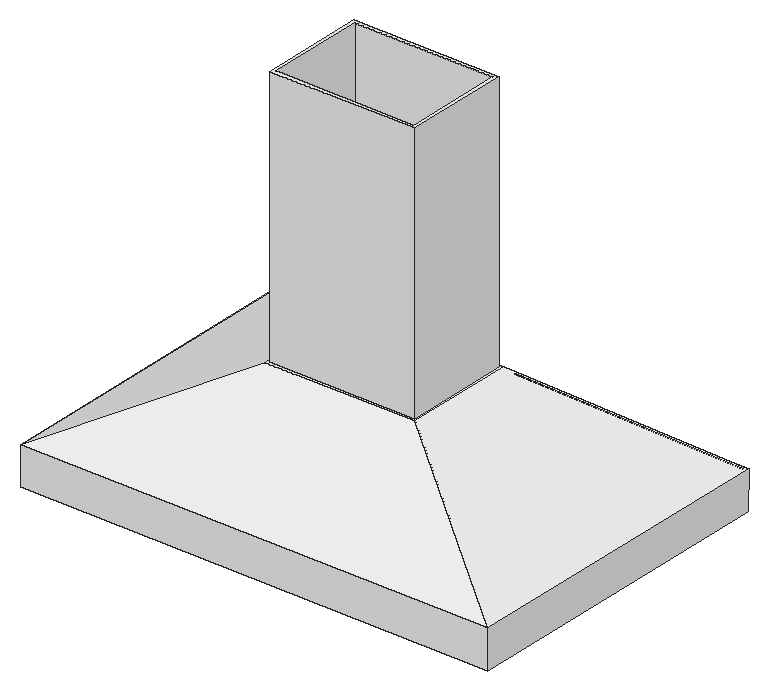
Revit family "Island_Range_Hood_2513", category Обобщенные модели, Revit 2016
Family settings
  Тип детали = Не определено
  Может служить основой для арматурных стержней = Нет
  Размер круглого соединителя = Использовать диаметр
  На основе рабочей плоскости = Нет
  Всегда вертикально = Да
  При загрузке вырезать с полостями = Нет
  Общий = Нет
  Точка расчета площади = Нет
Parameters
  flue height [instance] = 1' - 10 1/8"
  Hood material [instance] = Hood material
  Hood = 0' - 10 1/4"
  Height from floor = 5' - 0"
  Flue material [instance] = Flue material
Reference planes (in)
  plane 1 "Center (Front/Back)": y = 0
  plane 2: z = 0
  plane 3 "Center (Left/Right)": x = 0
  plane 4 "height": z = 60
  plane 5 "hood": z = 70.25
  plane 6 "flue": z = 92.375
Forms (in)
  Extrusion 1, solid, material "Hood material" <- "Hood material"
    sketch origin (0, 0, 60) x (-1, 0, 0) y (0, -1, 0)
      loop
        line (19.875, 13.8125) -> (-19.875, 13.8125) -> (-19.875, -13.8125) -> (19.875, -13.8125) -> (19.875, 13.8125)
      loop
        line (19.625, -13.5625) -> (19.625, 13.5625) -> (-19.625, 13.5625) -> (-19.625, -13.5625) -> (19.625, -13.5625)
    from 0 to 3.25
  Blend 2, solid, material "Hood material" <- "Hood material"
    base sketch origin (0, 0, 60) x (-1, 0, 0) y (0, -1, 0)
      loop
        line (-19.875, -13.8125) -> (19.875, -13.8125) -> (19.875, 13.8125) -> (-19.875, 13.8125) -> (-19.875, -13.8125)
    top sketch origin (0, 0, 60) x (-1, 0, 0) y (0, -1, 0)
      loop
        line (6.375, 4.71875) -> (-6.375, 4.71875) -> (-6.375, -4.71875) -> (6.375, -4.71875) -> (6.375, 4.71875)
    from 3.25 to 10.25
  Blend 3, void
    base sketch origin (0, 0, 60) x (-1, 0, 0) y (0, -1, 0)
      loop
        line (19.625, 13.5625) -> (-19.625, 13.5625) -> (-19.625, -13.5625) -> (19.625, -13.5625) -> (19.625, 13.5625)
    top sketch origin (0, 0, 60) x (-1, 0, 0) y (0, -1, 0)
      loop
        line (6.125, -4.46875) -> (6.125, 4.46875) -> (-6.125, 4.46875) -> (-6.125, -4.46875) -> (6.125, -4.46875)
    from 3.25 to 10.25
  Extrusion 4, solid, material "Flue material" <- "Flue material"
    sketch origin (0, 0, 70.25) x (-1, 0, 0) y (0, -1, 0)
      loop
        line (6.125, 4.46875) -> (-6.125, 4.46875) -> (-6.125, -4.46875) -> (6.125, -4.46875) -> (6.125, 4.46875)
      loop
        line (5.875, -4.21875) -> (5.875, 4.21875) -> (-5.875, 4.21875) -> (-5.875, -4.21875) -> (5.875, -4.21875)
    from 0 to 22.125
Cuts and joins
  Blend 3 cuts Extrusion 1
  Blend 3 cuts Blend 2
Lines and regions (in)
  model lines
    curve 1: line (-19.875, -13.8125, 0) -> (19.875, -13.8125, 0)
    curve 2: line (-19.875, -13.8125, 0) -> (-19.875, 13.8125, 0)
    curve 3: line (-19.875, 13.8125, 0) -> (19.875, 13.8125, 0)
    curve 4: line (19.875, 13.8125, 0) -> (19.875, -13.8125, 0)
    curve 5: line (-6.375, -4.71875, 0) -> (6.375, -4.71875, 0)
    curve 6: line (-6.375, -4.71875, 0) -> (-6.375, 4.71875, 0)
    curve 7: line (-6.375, 4.71875, 0) -> (6.375, 4.71875, 0)
    curve 8: line (6.375, 4.71875, 0) -> (6.375, -4.71875, 0)
    curve 9: line (-19.875, 13.8125, 0) -> (-6.375, 4.71875, 0)
    curve 10: line (19.875, 13.8125, 0) -> (6.375, 4.71875, 0)
    curve 11: line (19.875, -13.8125, 0) -> (6.375, -4.71875, 0)
    curve 12: line (-19.875, -13.8125, 0) -> (-6.375, -4.71875, 0)
Dimensions and locks (in)
  "Height from floor": plane 4 "height" to level
  "Hood": plane 5 "hood" to plane 4 "height"
  "flue height": plane 6 "flue" to plane 5 "hood"
  aligned and locked: plane 5 "hood" to cut or joined group of Blend 2, Blend 3  (x2)
  aligned and locked: cut or joined group of Blend 2, Blend 3 to plane 5 "hood"
  aligned and locked: plane 6 "flue" to Extrusion 4
Automatic sketch dimensions
  curve 12 to plane 3 "Center (Left/Right)" = 1' - 7 7/8"
  curve 9 to plane 3 "Center (Left/Right)" = 0' - 6 3/8"
  plane 3 "Center (Left/Right)" to curve 11 = 0' - 6 3/8"
  curve 7 to curve 4 = 1' - 1 1/2"
  plane 1 "Center (Front/Back)" to curve 1 = 1' - 1 13/16"
  plane 1 "Center (Front/Back)" to curve 8 = 0' - 4 23/32"
  curve 6 to plane 1 "Center (Front/Back)" = 0' - 4 23/32"
  curve 4 to plane 1 "Center (Front/Back)" = 1' - 1 13/16"
  plane 3 "Center (Left/Right)" to Extrusion 1 sketch curve = 1' - 7 7/8"
  Extrusion 1 sketch curve to Extrusion 1 sketch curve = 0' - 0 1/4"  (x4)
  Extrusion 1 sketch curve to plane 3 "Center (Left/Right)" = 1' - 7 5/8"
  Extrusion 1 sketch curve to plane 1 "Center (Front/Back)" = 1' - 1 13/16"
  plane 1 "Center (Front/Back)" to Extrusion 1 sketch curve = 1' - 1 9/16"
  Blend 2 sketch curve to plane 3 "Center (Left/Right)" = 1' - 7 7/8"
  Blend 2 sketch curve to plane 1 "Center (Front/Back)" = 1' - 1 13/16"
  plane 1 "Center (Front/Back)" to Blend 2 sketch curve = 1' - 1 13/16"
  plane 3 "Center (Left/Right)" to Blend 2 sketch curve = 1' - 7 7/8"
  Blend 2 sketch curve to plane 3 "Center (Left/Right)" = 0' - 6 3/8"
  Blend 2 sketch curve to plane 1 "Center (Front/Back)" = 0' - 4 23/32"
  plane 1 "Center (Front/Back)" to Blend 2 sketch curve = 0' - 4 23/32"
  plane 3 "Center (Left/Right)" to Blend 2 sketch curve = 0' - 6 3/8"
  Blend 3 sketch curve to plane 3 "Center (Left/Right)" = 1' - 7 5/8"
  Blend 3 sketch curve to plane 1 "Center (Front/Back)" = 1' - 1 9/16"
  plane 1 "Center (Front/Back)" to Blend 3 sketch curve = 1' - 1 9/16"
  plane 3 "Center (Left/Right)" to Blend 3 sketch curve = 1' - 7 5/8"
  plane 3 "Center (Left/Right)" to Blend 3 sketch curve = 0' - 6 1/8"
  Blend 3 sketch curve to plane 3 "Center (Left/Right)" = 0' - 6 1/8"
  Blend 3 sketch curve to plane 1 "Center (Front/Back)" = 0' - 4 15/32"
  plane 1 "Center (Front/Back)" to Blend 3 sketch curve = 0' - 4 15/32"
  plane 3 "Center (Left/Right)" to Extrusion 4 sketch curve = 0' - 6 1/8"
  Extrusion 4 sketch curve to Extrusion 4 sketch curve = 0' - 0 1/4"  (x4)
  Extrusion 4 sketch curve to plane 3 "Center (Left/Right)" = 0' - 5 7/8"
  Extrusion 4 sketch curve to plane 1 "Center (Front/Back)" = 0' - 4 15/32"
  plane 1 "Center (Front/Back)" to Extrusion 4 sketch curve = 0' - 4 7/32"
